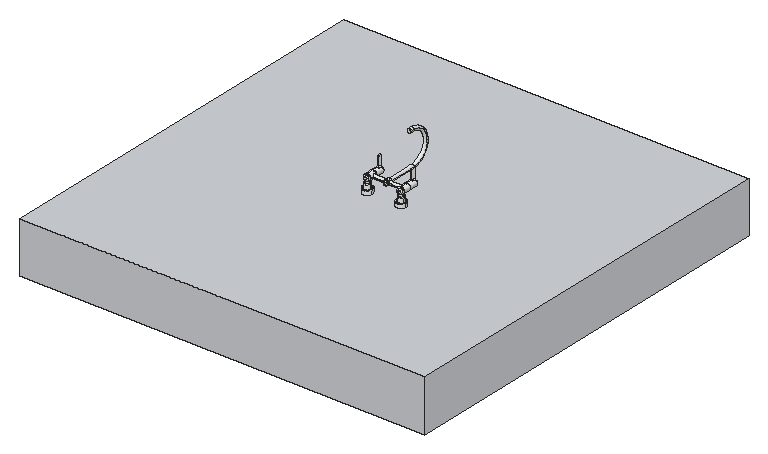
Revit family "Tap-Sink Set-Caroma G Series Exposed Breech 80 Lever (200 Outlet)-Wall_Temp_0632fff6-337b-4443-9fde-8a43b9516b39", category Plumbing Fixtures, host Face, Revit 2015
Parameters (values of type "Chrome")
  Waste Connection = no
  Vent Connection = no
  URL = "http://specify.caroma.com.au/"
  Type Comments = "Caroma G Series Plus Exp Breech Wall Set 200 outlet 80 Hdl"  # constant formula
  ModifiedIssue_ANZRS = 20170419.54  # constant formula
  Model = "G53480C4A"  # constant formula
  Material_ANZRS = Metal-Chrome-Caroma
  Manufacturer = "GWA Bathrooms&Kitchens"  # constant formula
  Keynote = ""
  HWFU = 0
  HW Connection = yes
  Description = "WELS 4 star rated, 7.5L/min"  # constant formula
  Default Elevation = 1000 mm
  CreatedBy_ANZRS = "Design Content"  # constant formula
  CreatedByURL_ANZRS = "http://www.designcontent.com.au"
  Cost = 0
  HotWaterConnectorDiameter = 20 mm
  ColdWaterConnectorDiameter = 20 mm
  CWFU = 0
  CW Connection = yes
  Assembly Code = "D2020"
Reference planes
  plane 1 "Center (Front/Back)": y = 0
  plane 2: z = 0
  plane 3 "Center (Left/Right)": x = 0
  plane 4: x = -127.93
  plane 5: x = 127.93
  plane 6: y = 27.941
  plane 7: y = -27.941
  plane 8: x = -100.006
  plane 9: x = 100
Forms (mm)
  Extrusion 1, solid
    sketch origin (19.2, -119.2, 0) x (1, 0, 0) y (0, 1, 0)
      loop
        line (-1219.2, 1319.2) -> (-1219.2, -1080.8) -> (1180.8, -1080.8) -> (1180.8, 1319.2) -> (-1219.2, 1319.2)
    from 0 to -304.8
  Extrusion 2, solid, material "Metal-Chrome-Caroma" <- "Material_ANZRS"
    sketch origin (0, 0, 0) x (0, 1, 0) y (0, 0, 1)
      loop
        circle (23.634, 79.488) r 9.7
    from 101.751 to -96.607
  Revolve 3, solid, material "Metal-Chrome-Caroma" <- "Material_ANZRS"
    sketch origin (0, 0, 0) x (1, 0, 0) y (0, 0, 1)
      loop
        line (-100.006, 0) -> (-72.071, 0) -> (-72.071, 23.439)
        arc (-72.071, 23.439) -> (-72.234, 23.832) -> (-72.627, 23.994) r 0.555
        line (-72.627, 23.994) -> (-82.493, 23.994) -> (-82.493, 49.869)
        arc (-82.493, 49.869) -> (-82.822, 50.665) -> (-83.618, 50.994) r 1.125
        line (-83.618, 50.994) -> (-90.054, 50.994) -> (-89.926, 80.675) -> (-100.006, 80.675) -> (-100.006, 0)
      axis (-100.006, 80.675) -> (-100.006, 0)
    angle from 0 to 360
  Revolve 4, solid, material "Metal-Chrome-Caroma" <- "Material_ANZRS"
    sketch origin (-100.006, -4572, 11.744) x (0, 0, 1) y (0, -1, 0)
      loop
        line (67.75, -4669.517) -> (67.75, -4558) -> (56.596, -4558)
        arc (56.596, -4558) -> (54.756, -4558.536) -> (53.492, -4559.977) r 3.425
        line (53.492, -4559.977) -> (49.862, -4567.763)
        arc (49.862, -4567.763) -> (49.304, -4569.397) -> (49.107, -4571.111) r 8.064
        line (49.107, -4571.111) -> (48.799, -4612.481)
        arc (48.799, -4612.481) -> (48.95, -4612.85) -> (49.318, -4613.003) r 0.519
        line (49.318, -4613.003) -> (50.272, -4613.003) -> (51.078, -4613.249) -> (49.277, -4613.249)
        arc (49.277, -4613.249) -> (48.904, -4613.404) -> (48.75, -4613.776) r 0.527
        line (48.75, -4613.776) -> (48.75, -4666.572)
        arc (48.75, -4666.572) -> (49.65, -4667.515) -> (50.901, -4667.881) r 2.52
        line (50.901, -4667.881) -> (51.887, -4668.038) -> (57.919, -4668.038) -> (57.919, -4669.002)
        arc (57.919, -4669.002) -> (62.826, -4669.427) -> (67.75, -4669.517) r 72.371
      axis (67.75, -4669.517) -> (67.75, -4558)
    angle from 0 to 360
  Revolve 5, solid, material "Metal-Chrome-Caroma" <- "Material_ANZRS"
    sketch origin (0, 0, 0) x (-1, 0, 0) y (0, 0, -1)
      loop
        line (-100.006, 0) -> (-100.006, -80.675) -> (-89.926, -80.675) -> (-90.054, -50.994) -> (-83.618, -50.994)
        arc (-83.618, -50.994) -> (-82.822, -50.665) -> (-82.493, -49.869) r 1.125
        line (-82.493, -49.869) -> (-82.493, -23.994) -> (-72.627, -23.994)
        arc (-72.627, -23.994) -> (-72.234, -23.832) -> (-72.071, -23.439) r 0.555
        line (-72.071, -23.439) -> (-72.071, 0) -> (-100.006, 0)
      axis (-100.006, -80.675) -> (-100.006, 0)
    angle from 0 to 360
  Revolve 6, solid, material "Metal-Chrome-Caroma" <- "Material_ANZRS"
    sketch origin (100.006, -4572, 11.744) x (0, 0, 1) y (0, 1, 0)
      loop
        arc (67.75, 4669.517) -> (62.826, 4669.427) -> (57.919, 4669.002) r 72.371
        line (57.919, 4669.002) -> (57.919, 4668.038) -> (51.965, 4668.038) -> (51.087, 4667.898)
        arc (51.087, 4667.898) -> (49.73, 4667.581) -> (48.75, 4666.592) r 2.52
        line (48.75, 4666.592) -> (48.75, 4613.776)
        arc (48.75, 4613.776) -> (48.904, 4613.404) -> (49.277, 4613.249) r 0.527
        line (49.277, 4613.249) -> (51.078, 4613.249) -> (50.272, 4613.003) -> (49.318, 4613.003)
        arc (49.318, 4613.003) -> (48.95, 4612.85) -> (48.799, 4612.481) r 0.519
        line (48.799, 4612.481) -> (49.107, 4571.111)
        arc (49.107, 4571.111) -> (49.304, 4569.397) -> (49.862, 4567.763) r 8.064
        line (49.862, 4567.763) -> (53.492, 4559.977)
        arc (53.492, 4559.977) -> (54.756, 4558.536) -> (56.596, 4558) r 3.425
        line (56.596, 4558) -> (67.75, 4558) -> (67.75, 4669.517)
      axis (67.75, 4669.517) -> (67.75, 4558)
    angle from 0 to 360
  Revolve 7, solid, material "Tap-Hot Red-Caroma"
    sketch origin (-100.006, -4572, 11.744) x (0, 0, 1) y (0, -1, 0)
      loop
        line (57.744, -4669.048) -> (57.744, -4668.038) -> (50.871, -4668.038)
        arc (50.871, -4668.038) -> (54.283, -4668.708) -> (57.744, -4669.048) r 36.352
      axis (67.75, -4668.038) -> (67.75, -4669.048)
    angle from 0 to 360
  Revolve 8, solid, material "Tap-Cold Blue-Caroma"
    sketch origin (100.006, -4572, 11.744) x (0, 0, 1) y (0, 1, 0)
      loop
        arc (57.744, 4669.048) -> (54.283, 4668.708) -> (50.871, 4668.038) r 36.352
        line (50.871, 4668.038) -> (57.744, 4668.038) -> (57.744, 4669.048)
      axis (67.75, 4668.038) -> (67.75, 4669.048)
    angle from 0 to 360
  Extrusion 9, solid, material "Metal-Chrome-Caroma" <- "Material_ANZRS"
    sketch origin (0, 27.941, 23.364) x (0, 0, 1) y (1, 0, 0)
      loop
        line (133.13, -97) -> (80.13, -97)
        arc (80.13, -97) -> (75.958, -95.632) -> (73.407, -92.058) r 7.044
        line (73.407, -92.058) -> (73.407, -107.63)
        arc (73.407, -107.63) -> (76.048, -104.27) -> (80.13, -103) r 7.196
        line (80.13, -103) -> (133.13, -103)
        arc (133.13, -103) -> (136.13, -100) -> (133.13, -97) r 3
    from 50.509 to 66.631
  Extrusion 10, solid, material "Metal-Chrome-Caroma" <- "Material_ANZRS"
    sketch origin (0, 27.941, 23.364) x (0, 0, 1) y (1, 0, 0)
      loop
        arc (133.13, 97) -> (136.13, 100) -> (133.13, 103) r 3
        line (133.13, 103) -> (80.13, 103)
        arc (80.13, 103) -> (76.048, 104.27) -> (73.407, 107.63) r 7.196
        line (73.407, 107.63) -> (73.407, 92.058)
        arc (73.407, 92.058) -> (75.958, 95.632) -> (80.13, 97) r 7.044
        line (80.13, 97) -> (133.13, 97)
    from 50.509 to 66.631
  Sweep 11, solid, material "Metal-Chrome-Caroma" <- "Material_ANZRS"
    path origin (0, 0, -0.039) x (0, 1, 0) y (0, 0, 1)
      loop
        line (185.098, 279.54) -> (205.782, 279.54)
        arc (205.782, 279.54) -> (305.787, 179.535) -> (205.782, 79.53) r 100.005
        line (205.782, 79.53) -> (23.794, 79.53)
    profile origin (0, 195.44, 279.501) x (0, 0, 1) y (1, 0, 0)
      loop
        circle (0, 0) r 9.5
  Revolve 12, solid, material "Metal-Chrome-Caroma" <- "Material_ANZRS"
    sketch origin (0, 0, 0) x (0, 1, 0) y (0, 0, 1)
      loop
        line (35.865, 92.995) -> (13.075, 92.995)
        arc (13.075, 92.995) -> (11.916, 92.868) -> (10.813, 92.494) r 5.354
        line (10.813, 92.494) -> (7.937, 91.153)
        arc (7.937, 91.153) -> (6.999, 90.33) -> (6.65, 89.133) r 2.228
        line (6.65, 89.133) -> (6.65, 79.495) -> (40.669, 79.495) -> (40.669, 88.853)
        arc (40.669, 88.853) -> (40.59, 89.244) -> (40.364, 89.572) r 1
        line (40.364, 89.572) -> (37.505, 92.333)
        arc (37.505, 92.333) -> (36.75, 92.823) -> (35.865, 92.995) r 2.36
      axis (40.669, 79.495) -> (6.65, 79.495)
    angle from 0 to 360
Cuts and joins
  joined: Extrusion 2, Revolve 3, Revolve 4, Revolve 5, Revolve 6, Sweep 11, Revolve 12
Lines and regions (mm)
  Masking region 1
    outline origin (0, 0, 0) x (1, 0, 0) y (0, 1, 0)
      loop
        arc (127.94, 0) -> (125.609, 11.171) -> (119.006, 20.478) r 27.935
        line (119.006, 20.478) -> (119.006, 94.573)
        arc (119.006, 94.573) -> (118.343, 95.378) -> (117.472, 95.953) r 3.515
        arc (117.472, 95.953) -> (113.658, 96.849) -> (109.749, 97.129) r 24.625
        arc (109.749, 97.129) -> (100.282, 97.609) -> (90.816, 97.118) r 92.525
        arc (90.816, 97.118) -> (86.622, 96.89) -> (82.528, 95.953) r 24.625
        arc (82.528, 95.953) -> (81.666, 95.385) -> (81.006, 94.592) r 3.515
        line (81.006, 94.592) -> (81.006, 33.29) -> (13.501, 33.29) -> (13.501, 36.068)
        arc (13.501, 36.068) -> (13.369, 36.747) -> (12.993, 37.329) r 1.818
        line (12.993, 37.329) -> (9.5, 40.958) -> (9.5, 305.831)
        arc (9.5, 305.831) -> (0, 315.331) -> (-9.5, 305.831) r 9.5
        line (-9.5, 305.831) -> (-9.5, 40.958) -> (-12.993, 37.329)
        arc (-12.993, 37.329) -> (-13.369, 36.747) -> (-13.501, 36.068) r 1.818
        line (-13.501, 36.068) -> (-13.501, 33.369) -> (-81.006, 33.369) -> (-81.006, 94.592)
        arc (-81.006, 94.592) -> (-81.666, 95.385) -> (-82.528, 95.953) r 3.515
        arc (-82.528, 95.953) -> (-86.622, 96.89) -> (-90.816, 97.118) r 24.625
        arc (-90.816, 97.118) -> (-100.282, 97.609) -> (-109.749, 97.129) r 92.525
        arc (-109.749, 97.129) -> (-113.658, 96.849) -> (-117.472, 95.953) r 24.625
        arc (-117.472, 95.953) -> (-118.343, 95.378) -> (-119.006, 94.573) r 3.515
        line (-119.006, 94.573) -> (-119.006, 20.478)
        arc (-119.006, 20.478) -> (-125.609, 11.171) -> (-127.94, 0) r 27.935
        arc (-127.94, 0) -> (-92.792, -26.987) -> (-75.797, 13.939) r 27.935
        line (-75.797, 13.939) -> (-13.5, 13.939)
        arc (-13.5, 13.939) -> (-13.471, 12.897) -> (-13.406, 11.857) r 28.964
        line (-13.406, 11.857) -> (-11.924, 8.188)
        arc (-11.924, 8.188) -> (-11.02, 7.073) -> (-9.647, 6.653) r 2.455
        line (-9.647, 6.653) -> (0, 6.653) -> (9.647, 6.653)
        arc (9.647, 6.653) -> (11.02, 7.073) -> (11.924, 8.188) r 2.455
        line (11.924, 8.188) -> (13.406, 11.857)
        arc (13.406, 11.857) -> (13.471, 12.897) -> (13.5, 13.939) r 28.964
        line (13.5, 13.939) -> (75.797, 13.939)
        arc (75.797, 13.939) -> (92.792, -26.987) -> (127.94, 0) r 27.935
  Masking region 2
    outline origin (0, 0, 0) x (0, 1, 0) y (0, 0, 1)
      loop
        line (94.572, 98.711) -> (94.572, 159.536)
        arc (94.572, 159.536) -> (94.352, 160.066) -> (93.822, 160.286) r 0.75
        line (93.822, 160.286) -> (79.235, 160.286)
        arc (79.235, 160.286) -> (78.68, 160.056) -> (78.45, 159.501) r 0.785
        line (78.45, 159.501) -> (78.45, 98.499) -> (0, 98.499)
        arc (0, 98.499) -> (-2.169, 98.276) -> (-4.247, 97.618) r 10.688
        line (-4.247, 97.618) -> (-12.607, 93.999)
        arc (-12.607, 93.999) -> (-13.663, 93.11) -> (-14.058, 91.788) r 2.409
        line (-14.058, 91.788) -> (-14.058, 67.684)
        arc (-14.058, 67.684) -> (-13.854, 66.796) -> (-13.283, 66.087) r 2.031
        arc (-13.283, 66.087) -> (-11.721, 65.056) -> (-10.009, 64.298) r 11.268
        line (-10.009, 64.298) -> (-10.009, 50.994) -> (-16.367, 50.994)
        arc (-16.367, 50.994) -> (-17.181, 50.657) -> (-17.519, 49.842) r 1.152
        line (-17.519, 49.842) -> (-17.519, 23.987) -> (-27.397, 23.987)
        arc (-27.397, 23.987) -> (-27.82, 23.79) -> (-27.941, 23.34) r 0.552
        line (-27.941, 23.34) -> (-27.941, 0) -> (0, 0) -> (27.935, 0) -> (27.935, 23.484)
        arc (27.935, 23.484) -> (27.785, 23.845) -> (27.424, 23.995) r 0.511
        line (27.424, 23.995) -> (17.526, 23.995) -> (17.526, 49.885)
        arc (17.526, 49.885) -> (17.202, 50.669) -> (16.417, 50.994) r 1.109
        line (16.417, 50.994) -> (9.951, 50.994) -> (9.951, 60.486) -> (94.56, 60.486)
        arc (94.56, 60.486) -> (95.511, 61.404) -> (96.038, 62.616) r 3.376
        arc (96.038, 62.616) -> (96.736, 66.257) -> (97.264, 69.928) r 79.405
        line (97.264, 69.928) -> (205.652, 69.928)
        arc (205.652, 69.928) -> (315.188, 179.464) -> (205.652, 289.001) r 109.536
        line (205.652, 289.001) -> (184.942, 289.001) -> (184.942, 270.001) -> (205.398, 270.001)
        arc (205.398, 270.001) -> (295.715, 179.683) -> (205.398, 89.366) r 90.317
        line (205.398, 89.366) -> (97.2, 89.366)
        arc (97.2, 89.366) -> (96.676, 92.873) -> (95.995, 96.354) r 79.405
        arc (95.995, 96.354) -> (95.479, 97.65) -> (94.572, 98.711) r 4.275
  Masking region 3
    outline origin (0, -11.972, 79.494) x (0, 0, 1) y (-1, 0, 0)
      loop
        line (-79.494, 72.071) -> (-56.03, 72.071)
        arc (-56.03, 72.071) -> (-55.655, 72.226) -> (-55.5, 72.601) r 0.53
        line (-55.5, 72.601) -> (-55.5, 82.493) -> (-29.576, 82.493)
        arc (-29.576, 82.493) -> (-28.798, 82.815) -> (-28.475, 83.593) r 1.101
        line (-28.475, 83.593) -> (-28.475, 89.993) -> (-16.148, 89.993)
        arc (-16.148, 89.993) -> (-13.288, 86.425) -> (-9.658, 83.644) r 19
        line (-9.658, 83.644) -> (-9.658, 9.474)
        arc (-9.658, 9.474) -> (-13.54, 0.112) -> (-9.814, -9.312) r 13.501
        line (-9.814, -9.312) -> (-9.814, -83.737)
        arc (-9.814, -83.737) -> (-13.353, -86.489) -> (-16.148, -89.993) r 19
        line (-16.148, -89.993) -> (-28.475, -89.993) -> (-28.475, -83.593)
        arc (-28.475, -83.593) -> (-28.798, -82.815) -> (-29.576, -82.493) r 1.101
        line (-29.576, -82.493) -> (-55.5, -82.493) -> (-55.5, -72.601)
        arc (-55.5, -72.601) -> (-55.655, -72.226) -> (-56.03, -72.071) r 0.53
        line (-56.03, -72.071) -> (-79.494, -72.071) -> (-79.494, -127.94) -> (-56.03, -127.94)
        arc (-56.03, -127.94) -> (-55.655, -127.785) -> (-55.5, -127.41) r 0.53
        line (-55.5, -127.41) -> (-55.5, -117.519) -> (-29.576, -117.519)
        arc (-29.576, -117.519) -> (-28.798, -117.196) -> (-28.475, -116.418) r 1.101
        line (-28.475, -116.418) -> (-28.475, -110.018) -> (-16.148, -110.018)
        arc (-16.148, -110.018) -> (0.894, -118.985) -> (17.018, -108.455) r 19
        arc (17.018, -108.455) -> (19.57, -104.526) -> (24, -103) r 7.196
        line (24, -103) -> (77, -103)
        arc (77, -103) -> (80, -100) -> (77, -97) r 3
        line (77, -97) -> (24, -97)
        arc (24, -97) -> (19.89, -95.677) -> (17.324, -92.204) r 7.044
        arc (17.324, -92.204) -> (14.213, -87.396) -> (9.809, -83.734) r 19
        line (9.809, -83.734) -> (9.809, -9.516) -> (198.522, -9.516)
        arc (198.522, -9.516) -> (209.524, -0.083) -> (198.667, 9.516) r 9.607
        line (198.667, 9.516) -> (9.653, 9.516) -> (9.653, 83.64)
        arc (9.653, 83.64) -> (14.152, 87.328) -> (17.324, 92.204) r 19
        arc (17.324, 92.204) -> (19.89, 95.677) -> (24, 97) r 7.044
        line (24, 97) -> (77, 97)
        arc (77, 97) -> (80, 100) -> (77, 103) r 3
        line (77, 103) -> (24, 103)
        arc (24, 103) -> (19.57, 104.526) -> (17.018, 108.455) r 7.196
        arc (17.018, 108.455) -> (0.894, 118.985) -> (-16.148, 110.018) r 19
        line (-16.148, 110.018) -> (-28.475, 110.018) -> (-28.475, 116.418)
        arc (-28.475, 116.418) -> (-28.798, 117.196) -> (-29.576, 117.519) r 1.101
        line (-29.576, 117.519) -> (-55.5, 117.519) -> (-55.5, 127.41)
        arc (-55.5, 127.41) -> (-55.655, 127.785) -> (-56.03, 127.94) r 0.53
        line (-56.03, 127.94) -> (-79.494, 127.94) -> (-79.494, 72.071)
  symbolic lines
    curve 1: line (13.501, 33.134, 0) -> (13.501, 14.134, 0)
    curve 2: line (-13.501, 33.134, 0) -> (-13.501, 14.134, 0)
    curve 3: line (100, 17.513, 23.994) -> (100, -17.513, 23.994)
    curve 4: line (100, -10.009, 50.994) -> (100, 9.951, 50.994)
    curve 5: line (100, 41.249, 98.499) -> (100, 41.249, 60.486)
    curve 6: line (100, -0.143, 63.799) -> (100, 9.951, 60.486)
    curve 7: spline (100, -4.237, 64.074) -> (100, -3.921, 63.995) -> (100, -3.598, 63.926) -> (100, -3.268, 63.866) -> (100, -2.934, 63.817) -> (100, -2.594, 63.778) -> (100, -2.251, 63.75) -> (100, -1.904, 63.732) -> (100, -1.554, 63.724) -> (100, -1.202, 63.727) -> (100, -0.849, 63.741) -> (100, -0.496, 63.764) -> (100, -0.143, 63.799)
    curve 8: line (100, -10.009, 64.298) -> (100, -4.237, 64.074)
    curve 9: line (100, 94.811, 98.494) -> (100, 78.423, 98.494)
    curve 10: line (100, -14.043, 90.474) -> (100, -14.043, 68.355)
    curve 11: line (-72.627, -11.972, 23.994) -> (-127.385, -11.972, 23.994)
    curve 12: line (-83.618, -11.972, 50.994) -> (-116.394, -11.972, 50.994)
    curve 13: line (117.519, 27.941, 23.994) -> (82.493, 27.941, 23.994)
    curve 14: line (89.993, 27.941, 51.019) -> (110.018, 27.941, 51.019)
    curve 15: arc (-100.006, -11.972, 89.501) -> (-89.999, -11.972, 79.494) -> (-100.006, -11.972, 69.488) r 10.006
    curve 16: arc (-100.006, -11.972, 69.488) -> (-110.012, -11.972, 79.494) -> (-100.006, -11.972, 89.501) r 10.006
    curve 17: arc (100.006, -11.972, 89.501) -> (89.999, -11.972, 79.494) -> (100.006, -11.972, 69.488) r 10.006
    curve 18: arc (100.006, -11.972, 69.488) -> (110.012, -11.972, 79.494) -> (100.006, -11.972, 89.501) r 10.006
    curve 19: line (-96.802, 78.45, 0) -> (-103.099, 78.45, 0)
    curve 20: line (-96.203, 93.986, 0) -> (-96.203, 79.05, 0)
    curve 21: line (-103.171, 94.572, 0) -> (-96.789, 94.572, 0)
    curve 22: line (-103.793, 79.144, 0) -> (-103.793, 93.951, 0)
    curve 23: arc (-96.789, 94.572, 0) -> (-96.374, 94.4, 0) -> (-96.203, 93.986, 0) r 0.586
    curve 24: arc (-96.203, 79.05, 0) -> (-96.378, 78.626, 0) -> (-96.802, 78.45, 0) r 0.6
    curve 25: arc (-103.099, 78.45, 0) -> (-103.589, 78.653, 0) -> (-103.793, 79.144, 0) r 0.694
    curve 26: arc (-103.793, 93.951, 0) -> (-103.611, 94.39, 0) -> (-103.171, 94.572, 0) r 0.621
    curve 27: line (96.719, 78.45, 0) -> (103.029, 78.45, 0)
    curve 28: line (96.119, 93.986, 0) -> (96.119, 79.05, 0)
    curve 29: line (103.101, 94.572, 0) -> (96.705, 94.572, 0)
    curve 30: line (103.723, 79.144, 0) -> (103.723, 93.951, 0)
    curve 31: arc (96.705, 94.572, 0) -> (96.291, 94.4, 0) -> (96.119, 93.986, 0) r 0.586
    curve 32: arc (96.119, 79.05, 0) -> (96.295, 78.626, 0) -> (96.719, 78.45, 0) r 0.6
    curve 33: arc (103.029, 78.45, 0) -> (103.52, 78.653, 0) -> (103.723, 79.144, 0) r 0.694
    curve 34: arc (103.723, 93.951, 0) -> (103.541, 94.39, 0) -> (103.101, 94.572, 0) r 0.621
    curve 35: arc (0, 97.2, 89.366) -> (0, 98.007, 79.647) -> (0, 97.267, 69.923) r 61.485
    curve 36: arc (81.018, 94.244, 0) -> (100.006, 94.592, 0) -> (118.993, 94.244, 0) r 518.192
    curve 37: arc (-81.018, 94.244, 0) -> (-100.006, 94.592, 0) -> (-118.993, 94.244, 0) r 518.192
    curve 38: arc (9.269, 0, 69.68) -> (13.499, 0, 79.323) -> (9.516, 0, 89.071) r 13.5
    curve 39: arc (-9.516, 0, 89.071) -> (-13.5, 0, 79.436) -> (-9.431, 0, 69.836) r 13.5
    curve 40: line (9.516, 0, 89.071) -> (9.516, 0, 79.572)
    curve 41: line (-9.516, 0, 89.071) -> (-9.516, 0, 79.572)
    curve 42: arc (9.516, 0, 79.572) -> (0, 0, 70.056) -> (-9.516, 0, 79.572) r 9.516
    curve 43: arc (100.006, 0, 62.616) -> (116.884, 0, 79.494) -> (100.006, 0, 96.373) r 16.879
    curve 44: arc (100.006, 0, 96.373) -> (83.127, 0, 79.494) -> (100.006, 0, 62.616) r 16.879
    curve 45: arc (-100.006, 0, 96.343) -> (-116.855, 0, 79.494) -> (-100.006, 0, 62.645) r 16.849
    curve 46: arc (-100.006, 0, 62.645) -> (-83.157, 0, 79.494) -> (-100.006, 0, 96.343) r 16.849
    curve 47: arc (-83.64, 0, 89.147) -> (-81.006, 0, 79.491) -> (-83.644, 0, 69.836) r 19
    curve 48: arc (83.734, 0, 89.304) -> (81.006, 0, 79.491) -> (83.737, 0, 69.68) r 19
    curve 49: arc (110.018, 0, 63.346) -> (100.006, 0, 60.494) -> (89.993, 0, 63.346) r 19
    curve 50: arc (-89.993, 0, 63.346) -> (-100.006, 0, 60.494) -> (-110.018, 0, 63.346) r 19
    curve 51: line (-9.5, 185.098, 0) -> (9.5, 185.098, 0)
    curve 52: line (-9.5, 40.659, 0) -> (9.788, 40.659, 0)
    curve 53: line (-119.006, 20.478, 0) -> (-119.006, 0.769, 0)
    curve 54: line (-80.828, 3.746, 0) -> (-80.828, 33.539, 0)
    curve 55: arc (-80.828, 20.311, 0) -> (-78.08, 17.309, 0) -> (-75.797, 13.939, 0) r 27.935
    curve 56: arc (-110.664, -13.896, 0) -> (-100.008, -17.513, 0) -> (-89.352, -13.899, 0) r 17.513
    curve 57: line (-117.915, -4.149, 0) -> (-114.586, -11.289, 0)
    curve 58: line (-85.866, -12.272, 0) -> (-83.031, -6.193, 0)
    curve 59: line (-110.489, -13.899, 0) -> (-88.42, -13.899, 0)
    curve 60: arc (-119.006, 0.769, 0) -> (-118.73, -1.75, 0) -> (-117.915, -4.149, 0) r 11.638
    curve 61: arc (-114.586, -11.289, 0) -> (-112.918, -13.191, 0) -> (-110.489, -13.899, 0) r 4.521
    curve 62: arc (-88.42, -13.899, 0) -> (-86.906, -13.458, 0) -> (-85.866, -12.272, 0) r 2.818
    curve 63: arc (-83.031, -6.193, 0) -> (-81.385, -1.344, 0) -> (-80.828, 3.746, 0) r 23.519
    curve 64: arc (110.16, -13.899, 0) -> (99.506, -17.513, 0) -> (88.852, -13.899, 0) r 17.513
    curve 65: line (117.666, -4.952, 0) -> (114.711, -11.289, 0)
    curve 66: line (85.991, -12.272, 0) -> (83.156, -6.193, 0)
    curve 67: line (110.614, -13.899, 0) -> (88.545, -13.899, 0)
    curve 68: arc (114.711, -11.289, 0) -> (113.043, -13.191, 0) -> (110.614, -13.899, 0) r 4.521
    curve 69: arc (88.545, -13.899, 0) -> (87.031, -13.458, 0) -> (85.991, -12.272, 0) r 2.818
    curve 70: arc (83.156, -6.193, 0) -> (82, -3.192, 0) -> (81.263, -0.061, 0) r 23.519
    curve 71: line (81.263, -0.061, 0) -> (81.263, 13.59, 0)
    curve 72: line (75.797, 13.939, 0) -> (81.252, 13.939, 0)
    curve 73: line (81.252, 13.939, 0) -> (81.252, 33.939, 0)
    curve 74: line (118.693, 20.478, 0) -> (118.693, -0.318, 0)
    curve 75: arc (118.693, -0.318, 0) -> (118.433, -2.691, 0) -> (117.666, -4.952, 0) r 10.966
Dimensions and locks
  angle curve 39 to curve 39 = 90.8654°
  aligned and locked: plane 2 to Extrusion 1
  aligned and locked: level to Extrusion 1
  aligned and locked: curve 44 to Revolve 8
Connectors
  piping at (-100.006, 0, 0), diameter 20, driven by "HotWaterConnectorDiameter"
    settings: on cut or joined group of Extrusion 2, Revolve 3, Revolve 4, Revolve 5, Revolve 6, Sweep 11, Revolve 12, index 1, connector inside diameter 24", connector length 0 mm, flow factor 0, pipe flow 0 GPM, pressure drop 0.00 psi, fitting loss kfactor 0, connector angle 0.00°, fixture units 0, engagement length 0 mm, angle of deflection 0.00°, flow configuration 3, flow direction 1, fitting loss method 0, system type 19, joint type 0, gender type 0, connector reference index -1, connector utility 0, adjustable connector no, is connector primary yes, connector description "Connector"
  piping at (100.006, 0, 0), diameter 20, driven by "ColdWaterConnectorDiameter"
    settings: on cut or joined group of Extrusion 2, Revolve 3, Revolve 4, Revolve 5, Revolve 6, Sweep 11, Revolve 12, index 2, connector inside diameter 24", connector length 0 mm, flow factor 0, pipe flow 0 GPM, pressure drop 0.00 psi, fitting loss kfactor 0, connector angle 0.00°, fixture units 0, engagement length 0 mm, angle of deflection 0.00°, flow configuration 3, flow direction 1, fitting loss method 0, system type 20, joint type 0, gender type 0, connector reference index -1, connector utility 0, adjustable connector no, is connector primary no, connector description "Connector"
